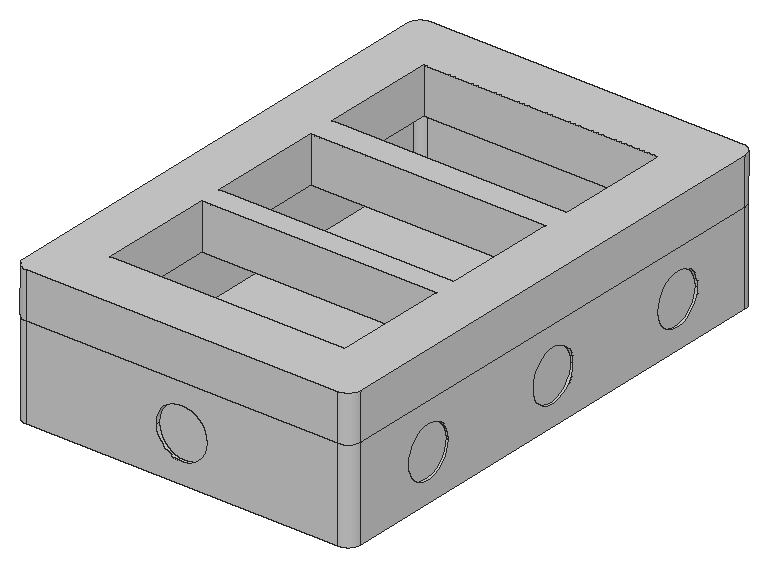
Revit family "Domotics-SerieCivili-GEWISS-27COMBI_SYSTEM-IP40_2P+2P+2P_4P+4P+4P_VERT", category Apparecchi elettrici, host Superficie, Revit 2016
Family settings
  Host = Superficie
  Mantenere orientamento annotazione = Sì
  Tipo di parte = Normale
  Quota connettore circolare = Usa diametro
  Numero OmniClass = 23.80.30.14.24
  Titolo OmniClass = Junction Boxes
  Taglio con vuoti quando caricato = Sì
  Condiviso = No
  Punto di calcolo locali = No
Parameters (values of type "GW27024 - 4x3 posti verticali")
  Viti coperchio = "Acciaio resistente alla corrosione"
  Versione file RFA = "19.4"
  URL = "https://www.gewiss.com/it/it"
  Tipo sfondabili = "Asportabili con utensile"
  Tipo = SYSTEM CONTENITORI IP40 3P V_BASE : GW27024 - 4x3 posti verticali
  Termopressione con biglia = "70 °C"
  Temperatura di installazione = "-25 +60 °C"
  Scheda Tecnica = "https://www.gewiss.com/it/it/search?q=GW27024"
  SEO = "Contenitore"
  SCATOLA = GEWISS GRIGIO
  Resistenza agli urti = "IK07"
  Produttore = "GEWISS S.p.A."
  Predisposizione scomparti = "3"
  Offset contenitore [instance] = 0 mm
  Offset bidimensionale [instance] = Offset contenitore + 55 mm  # 55 mm
  Norma di riferimento: = "EN 60670-1"
  N. fori Ã˜ 23 sfondabili: = "Laterali 12 / Sul fondo 3"
  N. fori Ã˜ 23 sfondabili = "12"
  Modello = "GW27024"
  Larghezza scatola = 132 mm
  IFC.TypeObject = ""
  IFC.ExportType = ""
  IFC.ExportAs = ""
  IDT = "3d13f3d9-1d3d-499b-bc30-5f792185b541"
  IDF = "be0b5adc-fed4-4147-9858-69d07cb625b7"
  Grado di protezione = "IP40"
  Glow Wire Test = "650°C"
  Distanza simbolo [instance] = 231.658 mm
  Default Elevation = 1219.2 mm
  Immagine tipo = GW27024.jpg
  Dimensioni BxHxP (mm) = "132x198x55"
  Dim. esterne BxHxP (mm) = "132x198x55"
  Descrizione: = "12 posti"
  Descrizione = "CONTENITORE 12(4X3) POSTI VERT.PROT."
  Creato da GEWISS S.p.A. = ""
  Coppia serraggio viti = "0,8NM"
  Configurazione = "Modulo 4 x 3"
  Colore = "Grigio RAL 7035"
  Codice Electrocod = "0212"
  Codice EAN = "8011564055353"
  Classe isolamento = "II"
  Catalogo Serie = "27COMBI"
  Catalogo = "DOMOTICS"
  Caratteristiche = "Halogen free"
  COBie.Tagnumber = ""
  COBie.CreatedOn = ""
  COBie.CreatebBy = ""
  COBie.ComponentRegisterItemID = ""
  COBie.Component.TagNumber = ""
  COBie.Component.Space = ""
  COBie.Component.SerialNumber = ""
  COBie.Component.InstallationDate = ""
  COBie.Component.Description = ""
  COBie.Component.BarCode = ""
  Bidimensionale = bidimensionale system contenitori IP40 3PV : 4P
  Altezza simbolo [instance] = 102.729 mm
Types (2, lengths in mm): name | Tipo | Scheda Tecnica | N. fori Ã˜ 23 sfondabili: | N. fori Ã˜ 23 sfondabili | Modello | Larghezza scatola | IDT | Immagine tipo | Dimensioni BxHxP (mm) | Dim. esterne BxHxP (mm) | Descrizione: | Descrizione | Configurazione | Codice EAN | Bidimensionale
  GW27022 - 2x3 posti verticali | SYSTEM CONTENITORI IP40 3P V_BASE : GW27022 - 2x3 posti verticali | "https://www.gewiss.com/it/it/search?q=GW27022" | "Laterali 8 / Sul fondo 2" | "8" | "GW27022" | 82 | "3b119ec6-0998-45b5-a511-7bca3aa36089" | GW27022.jpg | "82x198x55" | "82x198x55" | "6 posti" | "CONTENITORE 6(2X3) POSTI VERT.PROT." | "Modulo 2 x 3" | "8011564055339" | bidimensionale system contenitori IP40 3PV : 2P
  GW27024 - 4x3 posti verticali | SYSTEM CONTENITORI IP40 3P V_BASE : GW27024 - 4x3 posti verticali | "https://www.gewiss.com/it/it/search?q=GW27024" | "Laterali 12 / Sul fondo 3" | "12" | "GW27024" | 132 | "3d13f3d9-1d3d-499b-bc30-5f792185b541" | GW27024.jpg | "132x198x55" | "132x198x55" | "12 posti" | "CONTENITORE 12(4X3) POSTI VERT.PROT." | "Modulo 4 x 3" | "8011564055353" | bidimensionale system contenitori IP40 3PV : 4P
Reference planes
  plane 1 "Centro (Fronte/Retro)": y = 0
  plane 2: z = 0
  plane 3 "Centro (Sinistra/Destra)": x = 0
  plane 4: z = 0
  plane 5 "piano bidimensionale": z = 55
  plane 6: y = 99
  plane 7: y = -99
  plane 8 "2": x = -66
  plane 9 "1": x = 66
  plane 10: y = 61
  plane 11: y = -61
Forms (mm)
  Extrusion 1, solid, material "GEWISS GRIGIO" <- "SCATOLA", detail levels coarse
    sketch origin (0, 0, 55) x (0, -1, 0) y (1, 0, 0)
      loop
        arc (94, -66) -> (97.536, -64.536) -> (99, -61) r 5
        line (99, -61) -> (99, 61)
        arc (99, 61) -> (97.536, 64.536) -> (94, 66) r 5
        line (94, 66) -> (-94, 66)
        arc (-94, 66) -> (-97.536, 64.536) -> (-99, 61) r 5
        line (-99, 61) -> (-99, -61)
        arc (-99, -61) -> (-97.536, -64.536) -> (-94, -66) r 5
        line (-94, -66) -> (94, -66)
    from -55 to 0
Lines and regions (mm)
  Masking region 1
    outline origin (0, 0, 0) x (1, 0, 0) y (0, 0, 1)
      loop
        line (66, 0) -> (66, 55) -> (-66, 55) -> (-66, 0) -> (66, 0)
  Masking region 2
    outline origin (0, 0, 0) x (0, 1, 0) y (0, 0, 1)
      loop
        line (99, 0) -> (99, 55) -> (-99, 55) -> (-99, 0) -> (99, 0)
  Masking region 3, detail levels medium+fine
    outline origin (0, 0, 0) x (1, 0, 0) y (0, 0, 1)
      loop
        circle (0, 17.844) r 10
  Masking region 4, detail levels medium+fine
    outline origin (0, 0, 0) x (0, 1, 0) y (0, 0, 1)
      loop
        circle (0, 20.05) r 10
      loop
        circle (-61, 20.05) r 10
      loop
        circle (61, 20.05) r 10
Dimensions and locks
  "Offset contenitore": plane 4 to host face
  "Offset bidimensionale": plane 5 "piano bidimensionale" to plane 2
  "Larghezza scatola": plane 8 "2" to plane 9 "1"
  equal spacing: plane 8 "2", plane 3 "Centro (Sinistra/Destra)", plane 9 "1"
  equal spacing: plane 6, plane 1 "Centro (Fronte/Retro)", plane 7
  locked: plane 6 to plane 7 at 198
  plane 10 to plane 1 "Centro (Fronte/Retro)" to plane 11 = 61 mm locked, 61 mm locked
  aligned and locked: plane 2 to host face
  aligned and locked: level to host face
  aligned and locked: plane 1 "Centro (Fronte/Retro)" to nested 1
  aligned and locked: plane 3 "Centro (Sinistra/Destra)" to nested 1
  aligned and locked: Extrusion 1 sketch curve to nested 1
  aligned and locked: Extrusion 1 to plane 4
  aligned and locked: plane 5 "piano bidimensionale" to Extrusion 1
  aligned and locked: plane 3 "Centro (Sinistra/Destra)" to nested 2
  aligned and locked: plane 1 "Centro (Fronte/Retro)" to nested 2
  aligned and locked: plane 5 "piano bidimensionale" to nested 2
  aligned and locked: Extrusion 1 to plane 8 "2"
  aligned and locked: plane 9 "1" to Extrusion 1
  aligned and locked: Masking region 1 sketch curve to Extrusion 1  (x4)
  aligned and locked: Masking region 2 sketch curve to Extrusion 1  (x4)
  aligned and locked: nested 1 to Extrusion 1
Automatic sketch dimensions
  host sketch curve to host sketch curve = 2438.4 mm  (x2)
  Extrusion 1 sketch curve to plane 6 = 5 mm  (x2)
  plane 7 to Extrusion 1 sketch curve = 5 mm  (x2)
  Extrusion 1 sketch curve to plane 7 = 0 mm
  Extrusion 1 sketch curve to plane 8 "2" = 0 mm
  Extrusion 1 sketch curve to plane 9 "1" = 5 mm
  Masking region 3 sketch curve to plane 3 "Centro (Sinistra/Destra)" = 0 mm
  plane 4 to Masking region 3 sketch curve = 17.844 mm
  Masking region 4 sketch curve to plane 11 = 0 mm
  Masking region 4 sketch curve to plane 1 "Centro (Fronte/Retro)" = 0 mm
  Masking region 4 sketch curve to plane 10 = 0 mm
  plane 4 to Masking region 4 sketch curve = 20.05 mm  (x3)
  radius of Masking region 3 sketch curve = 10 mm
  radius of Masking region 4 sketch curve = 10 mm  (x3)
Nested families
  nested 1: "SYSTEM CONTENITORI IP40 3P V_BASE" at (0, 0, 0), type <- "Tipo", type "GW27024 - 4x3 posti verticali"
  nested 2: "bidimensionale system contenitori IP40 3PV" at (0, 0, 55), type <- "Bidimensionale", type "4P", detail levels coarse
Connectors
  cabletrayconduit at (0, -99, 18), diameter 20
    settings: on nested 1, index 4, connector width 300 mm, connector height 300 mm, connector angle 0.00°, system type 32, placement type 0, profile type 0, connector reference index -1, is primary connector yes, connector utility param no, connector description ""
  cabletrayconduit at (0, 99, 18), diameter 20
    settings: on nested 1, index 8, connector width 300 mm, connector height 300 mm, connector angle 0.00°, system type 32, placement type 0, profile type 0, connector reference index -1, is primary connector no, connector utility param no, connector description ""
  cabletrayconduit at (66, 0, 40), diameter 20
    settings: index 9, connector width 300 mm, connector height 300 mm, connector angle 0.00°, system type 32, placement type 0, profile type 0, connector reference index -1, is primary connector no, connector utility param no, connector description ""
  cabletrayconduit at (66, 61, 40), diameter 20
    settings: index 10, connector width 300 mm, connector height 300 mm, connector angle 0.00°, system type 32, placement type 0, profile type 0, connector reference index -1, is primary connector no, connector utility param no, connector description ""
  cabletrayconduit at (66, -61, 40), diameter 20
    settings: index 11, connector width 300 mm, connector height 300 mm, connector angle 0.00°, system type 32, placement type 0, profile type 0, connector reference index -1, is primary connector no, connector utility param no, connector description ""
  cabletrayconduit at (-66, 0, 40), diameter 20
    settings: index 12, connector width 300 mm, connector height 300 mm, connector angle 0.00°, system type 32, placement type 0, profile type 0, connector reference index -1, is primary connector no, connector utility param no, connector description ""
  cabletrayconduit at (-66, 61, 40), diameter 20
    settings: index 13, connector width 300 mm, connector height 300 mm, connector angle 0.00°, system type 32, placement type 0, profile type 0, connector reference index -1, is primary connector no, connector utility param no, connector description ""
  cabletrayconduit at (-66, -61, 40), diameter 20
    settings: index 14, connector width 300 mm, connector height 300 mm, connector angle 0.00°, system type 32, placement type 0, profile type 0, connector reference index -1, is primary connector no, connector utility param no, connector description ""
Definition of nested family "SYSTEM CONTENITORI IP40 3P V_BASE"
  Parameters (values of type "GW27024 - 4x3 posti verticali")
    SCATOLA = none
    PRESA = none
    Profondità scatola = 55 mm  # constant formula
    Larghezza scatola = 132 mm
    Larghezza foro = 92 mm
    Bidimensionale = 70 mm
    Altezza scatola = 198 mm  # constant formula
    Altezza foro = 45 mm
  Types (2, lengths in mm): name | Larghezza scatola | Larghezza foro
    GW27022 - 2x3 posti verticali | 82 | 46
    GW27024 - 4x3 posti verticali | 132 | 92
  Reference planes
    plane 1 "Centro (Fronte/Retro)": y = 0
    plane 2: z = 0
    plane 3 "Centro (Sinistra/Destra)": x = 0
    plane 4: y = -99
    plane 5: y = 99
    plane 6: x = -66
    plane 7: x = 66
    plane 8 "PIANO BIDIMENSIONALE": z = 70
    plane 9: z = 55
    plane 10: x = -46
    plane 11: x = 46
    plane 12: y = 21.5
    plane 13: y = -23.5
    plane 14: y = 32
    plane 15: y = 77
    plane 16: y = -32
    plane 17: y = -77
  Forms (mm)
    Extrusion 1, solid, material <- "SCATOLA", detail levels medium+fine
      sketch origin (0, 0, 66) x (0, -1, 0) y (1, 0, 0)
        loop
          arc (-99, -61) -> (-97.536, -64.536) -> (-94, -66) r 5
          line (-94, -66) -> (94, -66)
          arc (94, -66) -> (97.536, -64.536) -> (99, -61) r 5
          line (99, -61) -> (99, 61)
          arc (99, 61) -> (97.536, 64.536) -> (94, 66) r 5
          line (94, 66) -> (-94, 66)
          arc (-94, 66) -> (-97.536, 64.536) -> (-99, 61) r 5
          line (-99, 61) -> (-99, -61)
        loop
          arc (-94, 64) -> (-96.121, 63.121) -> (-97, 61) r 3
          line (-97, 61) -> (-97, -61)
          arc (-97, -61) -> (-96.121, -63.121) -> (-94, -64) r 3
          line (-94, -64) -> (94, -64)
          arc (94, -64) -> (96.121, -63.121) -> (97, -61) r 3
          line (97, -61) -> (97, 61)
          arc (97, 61) -> (96.121, 63.121) -> (94, 64) r 3
          line (94, 64) -> (-94, 64)
      from -66 to -30
    Extrusion 2, solid, material <- "SCATOLA", detail levels medium+fine
      sketch origin (0, 0, 56) x (0, -1, 0) y (1, 0, 0)
        loop
          line (-94, -66) -> (94, -66)
          arc (94, -66) -> (97.536, -64.536) -> (99, -61) r 5
          line (99, -61) -> (99, 61)
          arc (99, 61) -> (97.536, 64.536) -> (94, 66) r 5
          line (94, 66) -> (-94.002, 66)
          arc (-94.002, 66) -> (-97.536, 64.535) -> (-99, 61) r 5
          line (-99, 61) -> (-99, -61)
          arc (-99, -61) -> (-97.536, -64.536) -> (-94, -66) r 5
        loop
          line (32, -46) -> (77, -46) -> (77, 46) -> (32, 46) -> (32, -46)
        loop
          line (-77, -46) -> (-32, -46) -> (-32, 46) -> (-77, 46) -> (-77, -46)
        loop
          line (-21.5, -46) -> (23.5, -46) -> (23.5, 46) -> (-21.5, 46) -> (-21.5, -46)
      from -20 to -2
    Extrusion 3, void, detail levels medium+fine
      sketch origin (0, 0, 0) x (0, 1, 0) y (0, 0, 1)
        loop
          circle (0, 18) r 10
        loop
          circle (61, 18) r 10
        loop
          circle (-61, 18) r 10
      from 64.779 to 66
    Extrusion 4, void, detail levels medium+fine
      sketch origin (0, 25.408, 0) x (1, 0, 0) y (0, 0, -1)
        loop
          circle (0, -18) r 10
      from 72.882 to 73.592
    Extrusion 5, void, detail levels medium+fine
      sketch origin (-81, 0, 0) x (0, 1, 0) y (0, 0, 1)
        loop
          circle (0, 18) r 10
        loop
          circle (54.5, 18) r 10
        loop
          circle (-56.5, 18) r 10
      from 15 to 16
    Extrusion 6, void
      sketch origin (0, 0, 0) x (1, 0, 0) y (0, 0, 1)
        loop
          circle (0, 18) r 10
      from 97.732 to 99
    Extrusion 7, solid, material <- "SCATOLA", detail levels medium+fine
      sketch origin (0, 0, 0) x (1, 0, 0) y (0, 1, 0)
        loop
          line (-64, 94) -> (-64, -94)
          arc (-64, -94) -> (-63.121, -96.121) -> (-61, -97) r 3
          line (-61, -97) -> (61, -97)
          arc (61, -97) -> (63.121, -96.121) -> (64, -94) r 3
          line (64, -94) -> (64, 94)
          arc (64, 94) -> (63.121, 96.121) -> (61, 97) r 3
          line (61, 97) -> (-61, 97)
          arc (-61, 97) -> (-63.121, 96.121) -> (-64, 94) r 3
      from 0 to 1
  Cuts and joins
    Extrusion 3, Extrusion 4, Extrusion 5, Extrusion 6 cuts Extrusion 1
  Lines and regions (mm)
    Masking region 1
      outline origin (0, 0, 70) x (-1, 0, 0) y (0, -1, 0)
        loop
          circle (-61, -94) r 2
        loop
          line (66, -94) -> (66, 94)
          arc (66, 94) -> (64.536, 97.536) -> (61, 99) r 5
          line (61, 99) -> (-61, 99)
          arc (-61, 99) -> (-64.536, 97.536) -> (-66, 94) r 5
          line (-66, 94) -> (-66, -94)
          arc (-66, -94) -> (-64.536, -97.536) -> (-61, -99) r 5
          line (-61, -99) -> (61, -99)
          arc (61, -99) -> (64.536, -97.536) -> (66, -94) r 5
        loop
          circle (61, 94) r 2
        loop
          circle (61, -94) r 2
        loop
          circle (-61, 94) r 2
        loop
          line (46, 77) -> (-46, 77) -> (-46, 32) -> (46, 32) -> (46, 77)
        loop
          line (46, 23.5) -> (-46, 23.5) -> (-46, -21.5) -> (46, -21.5) -> (46, 23.5)
        loop
          line (46, -32) -> (-46, -32) -> (-46, -77) -> (46, -77) -> (46, -32)
    Masking region 2
      outline origin (0, 0, 70) x (-1, 0, 0) y (0, -1, 0)
        loop
          line (46, -77) -> (46, -32) -> (-46, -32) -> (-46, -77) -> (46, -77)
        loop
          line (46, -21.5) -> (46, 23.5) -> (-46, 23.5) -> (-46, -21.5) -> (46, -21.5)
        loop
          line (46, 32) -> (46, 77) -> (-46, 77) -> (-46, 32) -> (46, 32)
        loop
          circle (61, -94) r 2
        loop
          circle (-61, -94) r 2
        loop
          circle (61, 94) r 2
        loop
          circle (-61, 94) r 2
  Dimensions and locks
    equal spacing: plane 4, plane 1 "Centro (Fronte/Retro)", plane 5
    plane 4 to plane 5 = 198 mm
    equal spacing: plane 6, plane 3 "Centro (Sinistra/Destra)", plane 7
    "Larghezza scatola": plane 6 to plane 7
    equal spacing: plane 5, plane 1 "Centro (Fronte/Retro)", plane 4
    "Altezza scatola": plane 5 to plane 4
    "Bidimensionale": plane 8 "PIANO BIDIMENSIONALE" to level
    "Profondità scatola": plane 9 to plane 2
    equal spacing: plane 10, plane 3 "Centro (Sinistra/Destra)", plane 11
    "Larghezza foro": plane 10 to plane 11
    "Altezza foro": plane 12 to plane 13
    "Altezza foro": plane 15 to plane 14
    "Altezza foro": plane 17 to plane 16
    locked: Extrusion 2 to cut or joined group of Extrusion 1, Extrusion 3, Extrusion 4, Extrusion 5, Extrusion 6 at 1
    locked: cut or joined group of Extrusion 1, Extrusion 3, Extrusion 4, Extrusion 5, Extrusion 6 to Extrusion 2 at 1.221
    aligned and locked: level to plane 2
    aligned and locked: Extrusion 2 to plane 6
    aligned and locked: Extrusion 2 to plane 7
    aligned and locked: Extrusion 2 to plane 4
    aligned and locked: plane 5 to Extrusion 2
    aligned and locked: Extrusion 2 to Extrusion 1
    aligned and locked: plane 7 to Extrusion 3
    aligned and locked: Extrusion 2 sketch curve to plane 10
    aligned and locked: Extrusion 6 to plane 4
    aligned and locked: Extrusion 7 to cut or joined group of Extrusion 1, Extrusion 3, Extrusion 4, Extrusion 5, Extrusion 6  (x4)
    aligned and locked: Extrusion 2 sketch curve to plane 12
    aligned and locked: plane 13 to Extrusion 2 sketch curve
    aligned and locked: plane 14 to Extrusion 2 sketch curve
    aligned and locked: Extrusion 2 sketch curve to plane 15
    aligned and locked: Extrusion 2 sketch curve to plane 11  (x2)
    aligned and locked: plane 10 to Extrusion 2 sketch curve  (x2)
    aligned and locked: plane 16 to Extrusion 2
    aligned and locked: Masking region 2 to plane 16
    aligned and locked: Extrusion 2 to plane 17
    aligned and locked: plane 17 to Masking region 2
    aligned and locked: plane 16 to Masking region 1
    aligned and locked: Extrusion 5 to plane 6
  Automatic sketch dimensions
    Extrusion 1 sketch curve to plane 5 = 0 mm
    Extrusion 1 sketch curve to plane 6 = 0 mm
    Extrusion 1 sketch curve to plane 7 = 0 mm
    Extrusion 1 sketch curve to plane 4 = 0 mm
    Extrusion 1 sketch curve to Extrusion 1 sketch curve = 5 mm  (x2)
    plane 4 to Extrusion 1 sketch curve = 5 mm  (x2)
    Extrusion 3 sketch curve to plane 1 "Centro (Fronte/Retro)" = 0 mm
    level to Extrusion 3 sketch curve = 18 mm  (x3)
    Extrusion 4 sketch curve to plane 3 "Centro (Sinistra/Destra)" = 0 mm
    level to Extrusion 4 sketch curve = 18 mm
    Extrusion 6 sketch curve to Extrusion 6 sketch curve = 0 mm  (x2)
    Extrusion 6 sketch curve to plane 3 "Centro (Sinistra/Destra)" = 0 mm
    level to Extrusion 6 sketch curve = 18 mm
    Extrusion 6 sketch curve to plane 3 "Centro (Sinistra/Destra)" = 10 mm
    Extrusion 1 sketch curve to Extrusion 1 sketch curve = 0 mm  (x7)
    Extrusion 1 sketch curve to Extrusion 1 sketch curve = 2 mm
    plane 6 to Extrusion 7 sketch curve = 2 mm
    Extrusion 7 sketch curve to plane 5 = 2 mm
    plane 4 to Extrusion 7 sketch curve = 2 mm
    Extrusion 7 sketch curve to plane 7 = 2 mm
    plane 6 to Extrusion 7 sketch curve = 5 mm
    plane 4 to Extrusion 7 sketch curve = 5 mm  (x2)
    Extrusion 7 sketch curve to Extrusion 7 sketch curve = 3 mm
    plane 1 "Centro (Fronte/Retro)" to Extrusion 3 sketch curve = 61 mm
    Extrusion 3 sketch curve to plane 1 "Centro (Fronte/Retro)" = 61 mm
    Extrusion 2 sketch curve to plane 5 = 0 mm
    Extrusion 2 sketch curve to plane 7 = 0 mm
    Extrusion 2 sketch curve to plane 6 = 0 mm
    Extrusion 2 sketch curve to plane 4 = 0 mm
    Extrusion 2 sketch curve to plane 5 = 4.998 mm
    Extrusion 2 sketch curve to plane 5 = 5 mm
    Extrusion 2 sketch curve to Extrusion 2 sketch curve = 0.002 mm
    plane 4 to Extrusion 2 sketch curve = 5 mm  (x2)
    Extrusion 5 sketch curve to plane 1 "Centro (Fronte/Retro)" = 0 mm
    plane 14 to Extrusion 5 sketch curve = 22.5 mm
    level to Extrusion 5 sketch curve = 18 mm  (x3)
    Masking region 1 sketch curve to Masking region 1 sketch curve = 0 mm  (x8)
    Masking region 1 sketch curve to plane 7 = 0 mm
    Masking region 1 sketch curve to plane 4 = 0 mm
    Masking region 1 sketch curve to plane 5 = 0 mm
    Masking region 1 sketch curve to plane 11 = 0 mm  (x3)
    Masking region 1 sketch curve to plane 10 = 0 mm  (x3)
    Masking region 1 sketch curve to plane 6 = 0 mm
    Masking region 1 sketch curve to plane 15 = 0 mm
    Masking region 1 sketch curve to plane 14 = 0 mm
    Masking region 1 sketch curve to plane 12 = 0 mm
    Masking region 1 sketch curve to plane 13 = 0 mm
    Masking region 1 sketch curve to plane 7 = 5 mm  (x2)
    Masking region 1 sketch curve to Masking region 1 sketch curve = 5 mm
    plane 4 to Masking region 1 sketch curve = 5 mm
    Masking region 1 sketch curve to Masking region 1 sketch curve = 2 mm  (x3)
    Extrusion 2 sketch curve to plane 11 = 0 mm
    Masking region 2 sketch curve to plane 11 = 0 mm  (x3)
    Masking region 2 sketch curve to plane 10 = 0 mm  (x3)
    Masking region 2 sketch curve to plane 15 = 0 mm
    Masking region 2 sketch curve to plane 14 = 0 mm
    Masking region 2 sketch curve to plane 12 = 0 mm
    Masking region 2 sketch curve to plane 13 = 0 mm
    plane 6 to Masking region 2 sketch curve = 5 mm  (x2)
    Masking region 2 sketch curve to plane 5 = 5 mm  (x2)
    Masking region 2 sketch curve to Masking region 2 sketch curve = 2 mm  (x4)
    Masking region 2 sketch curve to plane 7 = 5 mm  (x2)
    plane 4 to Masking region 2 sketch curve = 5 mm  (x2)
    plane 4 to Extrusion 2 sketch curve = 22 mm
    plane 4 to Masking region 1 sketch curve = 22 mm
    plane 4 to Masking region 2 sketch curve = 22 mm
    Extrusion 2 sketch curve to Extrusion 2 sketch curve = 8.5 mm
    Masking region 1 sketch curve to Masking region 1 sketch curve = 8.5 mm
    Extrusion 5 sketch curve to plane 13 = 33 mm
    Masking region 2 sketch curve to Masking region 2 sketch curve = 8.5 mm
    radius of Extrusion 3 sketch curve = 10 mm  (x3)
    radius of Extrusion 4 sketch curve = 10 mm
    radius of Extrusion 5 sketch curve = 10 mm  (x3)
    radius of Masking region 1 sketch curve = 2 mm
Definition of nested family "bidimensionale system contenitori IP40 3PV"
  Parameters (values of type "4P")
    Larghezza scatola = 132 mm
    Larghezza foro = 92 mm
    Altezza scatola = 198 mm
    Altezza foro = 45 mm  # constant formula
  Types (2, lengths in mm): name | Larghezza scatola | Larghezza foro
    2P | 82 | 46
    4P | 132 | 92
  Reference planes
    plane 1 "Centro (Fronte/Retro)": y = 0
    plane 2: z = 0
    plane 3 "Centro (Sinistra/Destra)": x = 0
    plane 4: x = -66
    plane 5: x = 66
    plane 6: y = 99
    plane 7: y = -99
    plane 8: x = 46
    plane 9: x = -46
    plane 10: y = 21.5
    plane 11: y = -23.5
    plane 12: y = 32
    plane 13: y = 77
    plane 14: y = -32
    plane 15: y = -77
  Lines and regions (mm)
    model lines
      curve 1: line (-66, -94, 0) -> (-66, 94, 0)
      curve 2: arc (-66, 94, 0) -> (-64.536, 97.536, 0) -> (-61, 99, 0) r 5
      curve 3: line (-61, 99, 0) -> (61, 99, 0)
      curve 4: arc (61, 99, 0) -> (64.536, 97.536, 0) -> (66, 94, 0) r 5
      curve 5: line (66, 94, 0) -> (66, -94, 0)
      curve 6: arc (66, -94, 0) -> (64.536, -97.536, 0) -> (61, -99, 0) r 5
      curve 7: line (61, -99, 0) -> (-61, -99, 0)
      curve 8: arc (-61, -99, 0) -> (-64.536, -97.536, 0) -> (-66, -94, 0) r 5
      curve 9: circle (-61, 94, 0) r 2 normal (0, 0, 1)
      curve 10: circle (61, 94, 0) r 2 normal (0, 0, 1)
      curve 11: circle (61, -94, 0) r 2 normal (0, 0, 1)
      curve 12: circle (-61, -94, 0) r 2 normal (0, 0, 1)
      curve 13: line (-46, -21.5, 0) -> (-46, 21.5, 0)
      curve 14: line (-46, 21.5, 0) -> (-46, 22.5, 0)
      curve 15: arc (-46, 22.5, 0) -> (-45.414, 23.914, 0) -> (-44, 24.5, 0) r 2
      curve 16: line (-44, 24.5, 0) -> (44, 24.5, 0)
      curve 17: arc (44, 24.5, 0) -> (45.414, 23.914, 0) -> (46, 22.5, 0) r 2
      curve 18: line (46, 22.5, 0) -> (46, -21.5, 0)
      curve 19: arc (46, -21.5, 0) -> (45.414, -22.914, 0) -> (44, -23.5, 0) r 2
      curve 20: line (44, -23.5, 0) -> (-44, -23.5, 0)
      curve 21: arc (-44, -23.5, 0) -> (-45.414, -22.914, 0) -> (-46, -21.5, 0) r 2
      curve 22: line (-44, 21.5, 0) -> (44, 21.5, 0)
      curve 23: arc (-44, 21.5, 0) -> (-45.414, 20.914, 0) -> (-46, 19.5, 0) r 2
      curve 24: arc (46, 19.5, 0) -> (45.414, 20.914, 0) -> (44, 21.5, 0) r 2
      curve 25: line (46, 78, 0) -> (46, 34, 0)
      curve 26: arc (46, 34, 0) -> (45.414, 32.586, 0) -> (44, 32, 0) r 2
      curve 27: line (44, 32, 0) -> (-44, 32, 0)
      curve 28: arc (-44, 32, 0) -> (-45.414, 32.586, 0) -> (-46, 34, 0) r 2
      curve 29: line (-46, 34, 0) -> (-46, 77, 0)
      curve 30: line (-46, 77, 0) -> (-46, 78, 0)
      curve 31: arc (-46, 78, 0) -> (-45.414, 79.414, 0) -> (-44, 80, 0) r 2
      curve 32: line (-44, 80, 0) -> (44, 80, 0)
      curve 33: arc (44, 80, 0) -> (45.414, 79.414, 0) -> (46, 78, 0) r 2
      curve 34: arc (-46, 75, 0) -> (-45.414, 76.414, 0) -> (-44, 77, 0) r 2
      curve 35: line (-44, 77, 0) -> (44, 77, 0)
      curve 36: arc (44, 77, 0) -> (45.414, 76.414, 0) -> (46, 75, 0) r 2
      curve 37: line (46, -31, 0) -> (46, -75, 0)
      curve 38: arc (46, -75, 0) -> (45.414, -76.414, 0) -> (44, -77, 0) r 2
      curve 39: line (44, -77, 0) -> (-44, -77, 0)
      curve 40: arc (-44, -77, 0) -> (-45.414, -76.414, 0) -> (-46, -75, 0) r 2
      curve 41: line (-46, -75, 0) -> (-46, -32, 0)
      curve 42: line (-46, -32, 0) -> (-46, -31, 0)
      curve 43: arc (-46, -31, 0) -> (-45.414, -29.586, 0) -> (-44, -29, 0) r 2
      curve 44: line (-44, -29, 0) -> (44, -29, 0)
      curve 45: arc (44, -29, 0) -> (45.414, -29.586, 0) -> (46, -31, 0) r 2
      curve 46: arc (-46, -34, 0) -> (-45.414, -32.586, 0) -> (-44, -32, 0) r 2
      curve 47: line (-44, -32, 0) -> (44, -32, 0)
      curve 48: arc (44, -32, 0) -> (45.414, -32.586, 0) -> (46, -34, 0) r 2
  Dimensions and locks
    equal spacing: plane 6, plane 1 "Centro (Fronte/Retro)", plane 7
    equal spacing: plane 4, plane 3 "Centro (Sinistra/Destra)", plane 5
    "Altezza scatola": plane 6 to plane 7
    "Larghezza scatola": plane 4 to plane 5
    equal spacing: plane 9, plane 3 "Centro (Sinistra/Destra)", plane 8
    "Larghezza foro": plane 9 to plane 8
    "Altezza foro": plane 10 to plane 11
    "Altezza foro": plane 13 to plane 12
    "Altezza foro": plane 15 to plane 14
    aligned and locked: level to plane 2
    aligned and locked: curve 47 to plane 14
    aligned and locked: curve 39 to plane 15
  Automatic sketch dimensions
    curve 2 to curve 9 = 0 mm  (x2)
    curve 4 to curve 10 = 0 mm  (x2)
    curve 6 to curve 11 = 0 mm  (x2)
    curve 8 to curve 12 = 0 mm  (x2)
    curve 1 to plane 4 = 0 mm
    curve 3 to plane 6 = 0 mm
    curve 8 to plane 7 = 0 mm
    curve 46 to plane 9 = 0 mm
    curve 38 to plane 8 = 0 mm
    curve 5 to plane 5 = 0 mm
    plane 14 to curve 41 = 0 mm
    curve 14 to plane 10 = 0 mm
    curve 30 to plane 13 = 0 mm
    plane 4 to curve 3 = 5 mm
    curve 8 to curve 8 = 5 mm
    plane 9 to curve 39 = 2 mm
    curve 43 to plane 14 = 1 mm
    plane 9 to curve 43 = 2 mm
    plane 9 to curve 34 = 2 mm
    plane 9 to curve 32 = 2 mm
    plane 9 to curve 20 = 2 mm
    plane 9 to curve 22 = 2 mm
    curve 15 to curve 22 = 0 mm
    curve 47 to curve 43 = 0 mm
    plane 9 to curve 28 = 2 mm
    curve 27 to plane 8 = 2 mm
    curve 24 to curve 24 = 2 mm
    curve 16 to plane 8 = 2 mm
    curve 44 to plane 8 = 2 mm
    curve 20 to plane 8 = 2 mm
    curve 47 to curve 45 = 0 mm
    curve 32 to plane 8 = 2 mm
    curve 35 to curve 33 = 0 mm
    curve 39 to plane 8 = 2 mm
    curve 10 to curve 4 = 5 mm
    curve 7 to plane 5 = 5 mm
    plane 10 to curve 14 = 1 mm
    plane 13 to curve 25 = 1 mm
    curve 34 to plane 9 = 0 mm
    curve 13 to plane 9 = 0 mm
    curve 24 to plane 10 = 0 mm
    curve 36 to plane 8 = 0 mm
    curve 24 to plane 8 = 0 mm
    curve 20 to plane 11 = 0 mm
    curve 26 to plane 12 = 0 mm
    curve 36 to plane 13 = 0 mm
    radius of curve 9 = 2 mm
    radius of curve 10 = 2 mm
    radius of curve 11 = 2 mm
    radius of curve 12 = 2 mm
